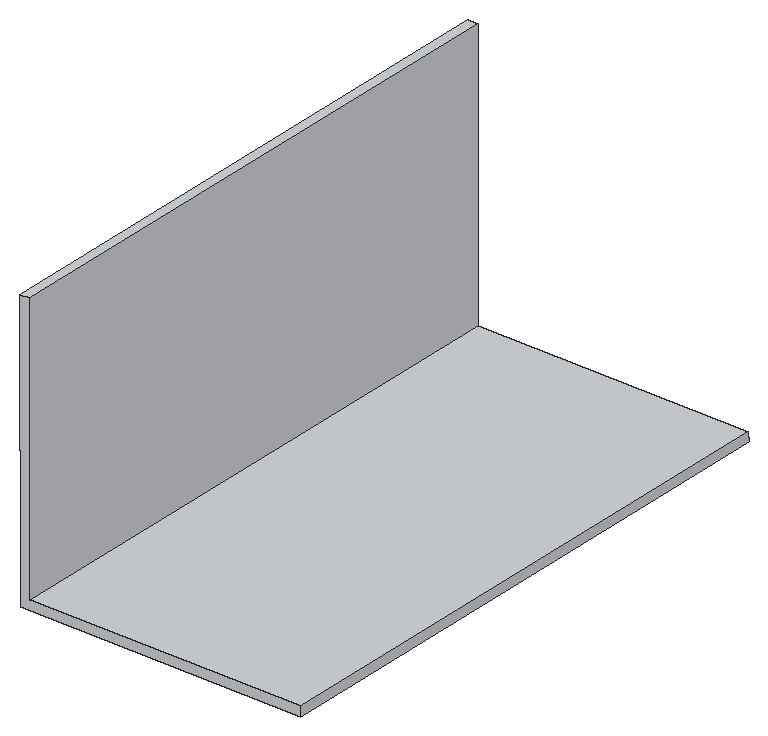
Revit family "BimSf-Clip", category Structural Connections, host Face, Revit 2024
Family settings
  Host = Face
  Material for Model Behavior = Other
  Enable Cutting in Views = Yes
  Cut with Voids When Loaded = No
  Shared = No
Parameters (values of type "40x40x80-1.4")
  Length = 0' - 3.14961"
  tf = 0' - 0.05512"
  Offset [instance] = 0' - 0"
  Leg2 = 0' - 1.5748"
  Leg1 = 0' - 1.5748"
  Description = "CRCCLIP"
  Default Elevation = 4' - 0"
Reference planes (in)
  plane 1 "Center (Front/Back)": y = 0
  plane 2: z = 0
  plane 3 "Center (Left/Right)": x = 0
  plane 4: z = 0
  plane 5: x = 0.05512
  plane 6: z = 0.05512
  plane 7: x = 1.5748
  plane 8: z = 1.5748
  plane 9: y = 1.5748
  plane 10: y = -1.5748
Forms (in)
  Extrusion 1, solid
    sketch origin (0, 0, 0) x (1, 0, 0) y (0, 0, 1)
      loop
        line (1.5748, 0) -> (1.5748, 0.05512) -> (0.05512, 0.05512) -> (0.05512, 1.5748) -> (0, 1.5748) -> (0, 0) -> (1.5748, 0)
    from -1.5748 to 1.5748
Dimensions and locks (in)
  "Offset": plane 4 to level
  "tf": plane 5 to plane 3 "Center (Left/Right)"
  "tf": plane 6 to plane 4
  "Leg2": plane 8 to plane 4
  "Leg1": plane 7 to plane 3 "Center (Left/Right)"
  equal spacing: plane 9, plane 1 "Center (Front/Back)", plane 10
  "Length": plane 9 to plane 10
  aligned and locked: plane 2 to host face
  aligned and locked: level to host face
  aligned and locked: plane 5 to Extrusion 1
  aligned and locked: plane 6 to Extrusion 1
  aligned and locked: Extrusion 1 to plane 3 "Center (Left/Right)"
  aligned and locked: Extrusion 1 to plane 4
  aligned and locked: plane 7 to Extrusion 1
  aligned and locked: plane 8 to Extrusion 1
  aligned and locked: Extrusion 1 to plane 10
  aligned and locked: plane 9 to Extrusion 1
Automatic sketch dimensions
  host sketch curve to host sketch curve = 0' - 2.4324"
  host sketch curve to host sketch curve = 0' - 3.52005"
  plane 4 to Extrusion 1 sketch curve = 0' - 0"
  Extrusion 1 sketch curve to plane 3 "Center (Left/Right)" = 0' - 0"
  plane 3 "Center (Left/Right)" to Extrusion 1 sketch curve = 0' - 0.05512"
  plane 4 to Extrusion 1 sketch curve = 0' - 0.05512"
  plane 3 "Center (Left/Right)" to Extrusion 1 sketch curve = 0' - 1.5748"
  Extrusion 1 sketch curve to Extrusion 1 sketch curve = 0' - 1.51969"
